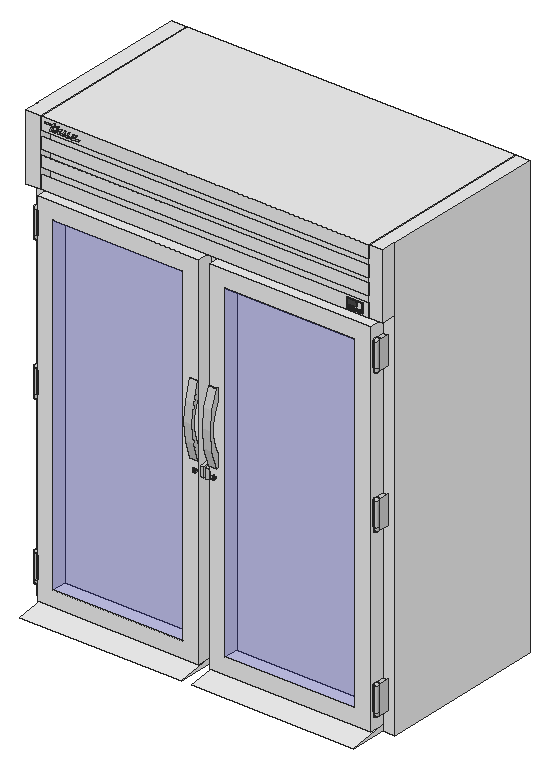
Revit family
Parameters
  Weight in Pounds = 0
  Watts = Volts * FL Amps  # 1357 W
  Volts = 115 V
  URL Cutsheet = "www.truemfg.com"
  URL = "www.truemfg.com"
  Type Mark [instance] = ""
  Type Comments = ""
  Status [instance] = ""
  Specification by User [instance] = ""
  Specification by Manufacturer = ""
  Show Logo [instance] = yes
  Show Clearance [instance] = yes
  Serial Number = ""
  Seismic Rating = ""
  SMACNA No = ""
  Revision Code [instance] = ""
  Phase = 1
  Omniclass Number and Title = ""
  Number of Poles [instance] = 1
  NAFEM Spec ID Number = ""
  Model = "STR2RRI-2G"
  Min Ckt Ampacity = 0 A
  Max Overcurrent Protection = 0 A
  Masterspec = ""
  Manufacturer = "TRUE FOOD SERVICE EQUIPMENT, INC."
  Length = 68"
  Item Number [instance] = ""
  Installed By [instance] = ""
  Identify Quantity as Lot [instance] = yes
  Height = 83 3/4"
  HP = "1/2"
  Furnished By [instance] = ""
  Foodservice Equipment Identifier [instance] = yes
  FL Amps = 11.8 A
  Electrical Remarks [instance] = ""
  Electric Connection Type [instance] = ""
  Elec Conn RI Height [instance] = 0"
  Elec Conn Connection Height [instance] = 0"
  Description = "Roll-in Glass Swing Door Refrigerator"
  Depth = 34 3/4"
  Cycle = 60 Hz
  Conn Plug = "5-15P"
  Conn Conduit = yes
  CSI MasterFormat = ""
  CSI Master Format = ""
  Apparent Power = if(Phase = 3, Volts * FL Amps * 1.73, Volts * FL Amps)  # 1357 VA
Reference planes (in)
  plane 1 "BACK": y = 0
  plane 2: z = 0
  plane 3 "LEFT": x = 0
  plane 4 "RIGHT": x = 68
  plane 5 "FRONT": y = -34.75
  plane 6 "TOP": z = 83.75
  plane 7: x = 2.84375
  plane 8: y = -34.7042
  plane 9: x = 34
  plane 10: z = 69.90625
Forms (in)
  Extrusion 1, solid, material "QF_Finishes_Chrome - Satin"
    sketch origin (0.05, 0, 0) x (1, 0, 0) y (0, 1, 0)
      loop
        line (-0.05, 0) -> (-0.05, -32) -> (2.87859, -32) -> (2.87859, 0) -> (-0.05, 0)
    from 0 to 83.75
  Extrusion 2, solid, material "QF_Finishes_Chrome - Satin"
    sketch origin (50.15, 0, 0) x (1, 0, 0) y (0, 1, 0)
      loop
        line (15.15, 0) -> (15.15, -32) -> (17.85, -32) -> (17.85, 0) -> (15.15, 0)
    from 0 to 83.75
  Extrusion 3, solid, material "QF_Finishes_Chrome - Satin"
    sketch origin (0, 0, 0) x (0, 1, 0) y (0, 0, 1)
      loop
        line (-34.7042, 71.28125) -> (-32, 71.28125) -> (-32, 0) -> (0, 0) -> (0, 83.75) -> (-34.7042, 83.75) -> (-34.7042, 81.40578) -> (-32.5, 79.83852) -> (-32.5, 78.71625) -> (-34.7042, 80.28351) -> (-34.7042, 78.1498) -> (-32.5, 76.58254) -> (-32.5, 75.62178) -> (-34.7042, 77.18904) -> (-34.7042, 75.09284) -> (-32.5, 73.52557) -> (-32.5, 72.25) -> (-34.7042, 73.81726) -> (-34.7042, 71.28125)
    from 2.92859 to 65.3
  Extrusion 4, solid, material "QF_Finishes_Chrome - Satin"
    sketch origin (0, 0, 0) x (1, 0, 0) y (0, 1, 0)
      loop
        line (67.84782, -32) -> (65.3, -32) -> (65.3, -34.75) -> (67.84782, -34.75) -> (67.84782, -32)
    from 71.28125 to 83.75
  Extrusion 5, solid, material "QF_Finishes_Chrome - Satin"
    sketch origin (-50.125, 0, 0.25) x (1, 0, 0) y (0, 1, 0)
      loop
        line (53.05359, -32) -> (50.24109, -32) -> (50.24109, -34.75) -> (53.05359, -34.75) -> (53.05359, -32)
    from 71.03125 to 83.5
  Extrusion 6, solid, material "QF_Finishes_Handrails and Railings", visible <- "Show Logo"
    sketch origin (0.33478, 0.06376, 5.00294) x (1, 0, 0) y (0, 0, 1)
      loop
        line (3.46044, 78.08731) -> (3.35478, 77.86073) -> (4.76027, 77.86073)
        arc (4.76027, 77.86073) -> (4.78879, 77.81028) -> (4.76027, 77.75984) r 0.05887
        line (4.76027, 77.75984) -> (4.39369, 76.97372)
        arc (4.39369, 76.97372) -> (4.39051, 76.90091) -> (4.43975, 76.84717) r 0.09523
        line (4.43975, 76.84717) -> (5.33844, 76.84717)
        arc (5.33844, 76.84717) -> (5.45192, 76.88295) -> (5.52436, 76.97735) r 0.19785
        line (5.52436, 76.97735) -> (5.81285, 77.59601) -> (6.0779, 77.59601)
        arc (6.0779, 77.59601) -> (6.14744, 77.57043) -> (6.13737, 77.49703) r 0.05911
        line (6.13737, 77.49703) -> (5.89598, 76.97937)
        arc (5.89598, 76.97937) -> (5.89974, 76.8934) -> (5.97231, 76.84717) r 0.09318
        line (5.97231, 76.84717) -> (6.76198, 76.84717)
        arc (6.76198, 76.84717) -> (6.82249, 76.86919) -> (6.85468, 76.92495) r 0.09412
        arc (6.85468, 76.92495) -> (6.87746, 76.86995) -> (6.93246, 76.84717) r 0.07778
        line (6.93246, 76.84717) -> (7.43246, 76.84717)
        arc (7.43246, 76.84717) -> (7.49022, 76.86265) -> (7.53251, 76.90493) r 0.11552
        arc (7.53251, 76.90493) -> (7.55275, 76.85606) -> (7.60162, 76.83581) r 0.06912
        line (7.60162, 76.83581) -> (8.31225, 76.83581)
        arc (8.31225, 76.83581) -> (8.37034, 76.85988) -> (8.39441, 76.91797) r 0.08216
        arc (8.39441, 76.91797) -> (8.44767, 76.86472) -> (8.52042, 76.84522) r 0.14551
        line (8.52042, 76.84522) -> (9.85158, 76.84522) -> (9.99946, 77.10134) -> (8.65678, 77.10134)
        arc (8.65678, 77.10134) -> (8.61972, 77.12704) -> (8.61834, 77.17211) r 0.05009
        line (8.61834, 77.17211) -> (8.64157, 77.22192)
        arc (8.64157, 77.22192) -> (8.67723, 77.26864) -> (8.73327, 77.28635) r 0.09747
        line (8.73327, 77.28635) -> (9.16485, 77.28635)
        arc (9.16485, 77.28635) -> (9.258, 77.31131) -> (9.32619, 77.3795) r 0.1863
        line (9.32619, 77.3795) -> (9.45119, 77.59601)
        arc (9.45119, 77.59601) -> (9.45119, 77.71157) -> (9.35111, 77.76934) r 0.11556
        line (9.35111, 77.76934) -> (8.89562, 77.76934)
        arc (8.89562, 77.76934) -> (8.7795, 77.74962) -> (8.69849, 77.66412) r 0.18605
        line (8.69849, 77.66412) -> (8.48204, 77.19993)
        arc (8.48204, 77.19993) -> (8.41815, 77.11667) -> (8.31806, 77.08511) r 0.1745
        line (8.31806, 77.08511) -> (7.84559, 77.08511)
        arc (7.84559, 77.08511) -> (7.78903, 77.14684) -> (7.79268, 77.23048) r 0.10939
        line (7.79268, 77.23048) -> (8.04395, 77.76934) -> (7.88403, 77.76934) -> (7.61781, 77.19844)
        arc (7.61781, 77.19844) -> (7.56609, 77.13103) -> (7.48505, 77.10548) r 0.14128
        line (7.48505, 77.10548) -> (7.15925, 77.10548)
        arc (7.15925, 77.10548) -> (7.10419, 77.17723) -> (7.116, 77.26689) r 0.11816
        line (7.116, 77.26689) -> (7.3503, 77.76934) -> (7.18514, 77.76934) -> (6.91546, 77.191)
        arc (6.91546, 77.191) -> (6.85285, 77.12839) -> (6.76733, 77.10548) r 0.17104
        line (6.76733, 77.10548) -> (6.29555, 77.10548)
        arc (6.29555, 77.10548) -> (6.21082, 77.14499) -> (6.20267, 77.23813) r 0.0935
        line (6.20267, 77.23813) -> (6.35774, 77.57069) -> (6.57695, 77.57069)
        arc (6.57695, 77.57069) -> (6.61395, 77.68217) -> (6.69267, 77.76934) r 0.2857
        line (6.69267, 77.76934) -> (5.83605, 77.76934)
        arc (5.83605, 77.76934) -> (5.74086, 77.74824) -> (5.67498, 77.67635) r 0.16212
        line (5.67498, 77.67635) -> (5.44279, 77.17841)
        arc (5.44279, 77.17841) -> (5.3894, 77.12502) -> (5.31647, 77.10548) r 0.14586
        line (5.31647, 77.10548) -> (4.80506, 77.10548)
        arc (4.80506, 77.10548) -> (4.76514, 77.15942) -> (4.77274, 77.22609) r 0.09155
        line (4.77274, 77.22609) -> (5.11018, 77.86073) -> (5.96155, 77.86073) -> (6.06721, 78.08731) -> (5.21584, 78.08731) -> (5.32149, 78.31388) -> (5.01862, 78.31388) -> (4.91297, 78.08731) -> (3.46044, 78.08731)
      loop
        arc (8.83805, 77.56363) -> (8.80119, 77.55375) -> (8.7742, 77.52676) r 0.07373
        line (8.7742, 77.52676) -> (8.75229, 77.45936)
        arc (8.75229, 77.45936) -> (8.76245, 77.43483) -> (8.78699, 77.42466) r 0.0347
        line (8.78699, 77.42466) -> (9.15948, 77.42466)
        arc (9.15948, 77.42466) -> (9.18632, 77.43061) -> (9.20812, 77.44734) r 0.0635
        line (9.20812, 77.44734) -> (9.22624, 77.53122)
        arc (9.22624, 77.53122) -> (9.22091, 77.55368) -> (9.20009, 77.56363) r 0.02676
        line (9.20009, 77.56363) -> (8.83805, 77.56363)
    from 34.76797 to 34.83173
  Extrusion 7, solid, material "QF_Finishes_White"
    sketch origin (-22.74812, 0.0458, -7.95638) x (1, 0, 0) y (0, 0, 1)
      loop
        line (83.81732, 81.35727) -> (83.81732, 79.60996) -> (86.72357, 79.60996) -> (86.72357, 81.35727) -> (83.81732, 81.35727)
    from 34.75 to 34.76797
  Extrusion 8, solid, material "QF_Finishes_Black"
    sketch origin (-22.74812, 0.0458, -7.95638) x (1, 0, 0) y (0, 0, 1)
      loop
        line (86.78607, 81.41977) -> (83.75482, 81.41977) -> (83.75482, 79.54746) -> (86.78607, 79.54746) -> (86.78607, 81.41977)
      loop
        spline (83.95482, 79.87872) -> (83.96333, 79.86254) -> (83.98831, 79.84747) -> (84.02804, 79.83452) -> (84.07982, 79.82459) -> (84.14011, 79.81835) -> (84.20482, 79.81622) -> (84.26952, 79.81835) -> (84.32982, 79.82459) -> (84.38159, 79.83452) -> (84.42132, 79.84747) -> (84.4463, 79.86254) -> (84.45482, 79.87872)
        spline (84.45482, 79.87872) -> (84.4463, 79.89489) -> (84.42132, 79.90997) -> (84.38159, 79.92291) -> (84.32982, 79.93284) -> (84.26952, 79.93909) -> (84.20482, 79.94122) -> (84.14011, 79.93909) -> (84.07982, 79.93284) -> (84.02804, 79.92291) -> (83.98831, 79.90997) -> (83.96333, 79.89489) -> (83.95482, 79.87872)
      loop
        spline (84.65083, 79.87872) -> (84.65935, 79.86254) -> (84.68432, 79.84747) -> (84.72405, 79.83452) -> (84.77583, 79.82459) -> (84.83612, 79.81835) -> (84.90083, 79.81622) -> (84.96553, 79.81835) -> (85.02583, 79.82459) -> (85.07761, 79.83452) -> (85.11734, 79.84747) -> (85.14231, 79.86254) -> (85.15083, 79.87872)
        spline (85.15083, 79.87872) -> (85.14231, 79.89489) -> (85.11734, 79.90997) -> (85.07761, 79.92291) -> (85.02583, 79.93284) -> (84.96553, 79.93909) -> (84.90083, 79.94122) -> (84.83612, 79.93909) -> (84.77583, 79.93284) -> (84.72405, 79.92291) -> (84.68432, 79.90997) -> (84.65935, 79.89489) -> (84.65083, 79.87872)
      loop
        spline (85.40083, 79.87872) -> (85.40935, 79.86254) -> (85.43432, 79.84747) -> (85.47405, 79.83452) -> (85.52583, 79.82459) -> (85.58612, 79.81835) -> (85.65083, 79.81622) -> (85.71553, 79.81835) -> (85.77583, 79.82459) -> (85.82761, 79.83452) -> (85.86734, 79.84747) -> (85.89231, 79.86254) -> (85.90083, 79.87872)
        spline (85.90083, 79.87872) -> (85.89231, 79.89489) -> (85.86734, 79.90997) -> (85.82761, 79.92291) -> (85.77583, 79.93284) -> (85.71553, 79.93909) -> (85.65083, 79.94122) -> (85.58612, 79.93909) -> (85.52583, 79.93284) -> (85.47405, 79.92291) -> (85.43432, 79.90997) -> (85.40935, 79.89489) -> (85.40083, 79.87872)
      loop
        line (83.95481, 81.21978) -> (83.95481, 80.21978) -> (85.65433, 80.21978) -> (85.65433, 81.21978) -> (83.95481, 81.21978)
      loop
        line (86.72357, 81.35727) -> (83.81732, 81.35727) -> (83.81732, 79.60996) -> (86.72357, 79.60996) -> (86.72357, 81.35727)
      loop
        spline (86.15083, 79.87872) -> (86.15935, 79.86254) -> (86.18432, 79.84747) -> (86.22405, 79.83452) -> (86.27583, 79.82459) -> (86.33612, 79.81835) -> (86.40083, 79.81622) -> (86.46553, 79.81835) -> (86.52583, 79.82459) -> (86.57761, 79.83452) -> (86.61734, 79.84747) -> (86.64231, 79.86254) -> (86.65083, 79.87872)
        spline (86.65083, 79.87872) -> (86.64231, 79.89489) -> (86.61734, 79.90997) -> (86.57761, 79.92291) -> (86.52583, 79.93284) -> (86.46553, 79.93909) -> (86.40083, 79.94122) -> (86.33612, 79.93909) -> (86.27583, 79.93284) -> (86.22405, 79.92291) -> (86.18432, 79.90997) -> (86.15935, 79.89489) -> (86.15083, 79.87872)
    from 34.76797 to 34.80335
  Extrusion 9, solid
    sketch origin (-25.125, 0, 0) x (1, 0, 0) y (0, 0, 1)
      loop
        circle (89.875, 81.625) r 0.25
    from 0 to 0.0625
  Extrusion 10, solid, material "QF_Finishes_Handrails and Railings"
    sketch origin (66.78125, 0, 3.5) x (0, 1, 0) y (0, 0, -1)
      loop
        line (-32, -64.17729) -> (-32, -58.86127) -> (-34.25, -58.86127) -> (-34.25, -59.57348) -> (-33.81497, -59.57348) -> (-33.81497, -63.97276)
        arc (-33.81497, -63.97276) -> (-33.75506, -64.11738) -> (-33.61044, -64.17729) r 0.20453
        line (-33.61044, -64.17729) -> (-32, -64.17729)
    from 0.17506 to 1
  Revolve 11, solid, material "QF_Finishes_Handrails and Railings"
    sketch origin (66.28125, 0, 3.5) x (0, 1, 0) y (0, 0, -1)
      loop
        line (-34.26563, -59.62689) -> (-34.67229, -59.62689) -> (-34.67229, -64.0986)
        arc (-34.67229, -64.0986) -> (-34.53722, -64.35057) -> (-34.26563, -64.43983) r 0.3848
        line (-34.26563, -64.43983) -> (-34.26563, -59.62689)
      loop
        line (-34.26563, -59.57348) -> (-34.26563, -58.67281)
        arc (-34.26563, -58.67281) -> (-34.53264, -58.75883) -> (-34.67229, -59.00212) r 0.38884
        line (-34.67229, -59.00212) -> (-34.67229, -59.57348) -> (-34.26563, -59.57348)
      axis (-34.26563, -58.67281) -> (-34.26563, -64.43983)
    angle from 0 to 360
  Extrusion 12, solid, material "QF_Finishes_Handrails and Railings"
    sketch origin (27.5, -1.07734, 3.5011) x (-1, 0, 0) y (0, 0, -1)
      loop
        line (-38.58509, -64.0986) -> (-38.1875, -64.0986) -> (-38.1875, -59.62579) -> (-38.58509, -59.62579) -> (-38.58509, -64.0986)
    from 32.81497 to 33.59495
  Extrusion 13, solid, material "QF_Finishes_Handrails and Railings"
    sketch origin (66.78125, 0, -24) x (0, 1, 0) y (0, 0, -1)
      loop
        line (-32, -64.55229) -> (-32, -59.23627) -> (-34.25, -59.23627) -> (-34.25, -59.94848) -> (-33.81497, -59.94848) -> (-33.81497, -64.34776)
        arc (-33.81497, -64.34776) -> (-33.75506, -64.49238) -> (-33.61044, -64.55229) r 0.20453
        line (-33.61044, -64.55229) -> (-32, -64.55229)
    from 0.17506 to 1
  Revolve 14, solid, material "QF_Finishes_Handrails and Railings"
    sketch origin (66.28125, 0, -24) x (0, 1, 0) y (0, 0, -1)
      loop
        line (-34.26563, -60.00189) -> (-34.67229, -60.00189) -> (-34.67229, -64.4736)
        arc (-34.67229, -64.4736) -> (-34.53722, -64.72557) -> (-34.26563, -64.81483) r 0.3848
        line (-34.26563, -64.81483) -> (-34.26563, -60.00189)
      loop
        line (-34.26563, -59.94848) -> (-34.26563, -59.04781)
        arc (-34.26563, -59.04781) -> (-34.53264, -59.13383) -> (-34.67229, -59.37712) r 0.38884
        line (-34.67229, -59.37712) -> (-34.67229, -59.94848) -> (-34.26563, -59.94848)
      axis (-34.26563, -59.04781) -> (-34.26563, -64.81483)
    angle from 0 to 360
  Extrusion 15, solid, material "QF_Finishes_Handrails and Railings"
    sketch origin (27.5, -1.07734, -23.9989) x (-1, 0, 0) y (0, 0, -1)
      loop
        line (-38.58509, -64.4736) -> (-38.1875, -64.4736) -> (-38.1875, -60.00079) -> (-38.58509, -60.00079) -> (-38.58509, -64.4736)
    from 32.81497 to 33.59495
  Extrusion 16, solid, material "QF_Finishes_Handrails and Railings"
    sketch origin (66.78125, 0, -55.5) x (0, 1, 0) y (0, 0, -1)
      loop
        line (-32, -64.55229) -> (-32, -59.23627) -> (-34.25, -59.23627) -> (-34.25, -59.94848) -> (-33.81497, -59.94848) -> (-33.81497, -64.34776)
        arc (-33.81497, -64.34776) -> (-33.75506, -64.49238) -> (-33.61044, -64.55229) r 0.20453
        line (-33.61044, -64.55229) -> (-32, -64.55229)
    from 0.17506 to 1
  Revolve 17, solid, material "QF_Finishes_Handrails and Railings"
    sketch origin (66.28125, 0, -55.5) x (0, 1, 0) y (0, 0, -1)
      loop
        line (-34.26563, -60.00189) -> (-34.67229, -60.00189) -> (-34.67229, -64.4736)
        arc (-34.67229, -64.4736) -> (-34.53722, -64.72557) -> (-34.26563, -64.81483) r 0.3848
        line (-34.26563, -64.81483) -> (-34.26563, -60.00189)
      loop
        line (-34.26563, -59.94848) -> (-34.26563, -59.04781)
        arc (-34.26563, -59.04781) -> (-34.53264, -59.13383) -> (-34.67229, -59.37712) r 0.38884
        line (-34.67229, -59.37712) -> (-34.67229, -59.94848) -> (-34.26563, -59.94848)
      axis (-34.26563, -59.04781) -> (-34.26563, -64.81483)
    angle from 0 to 360
  Extrusion 18, solid, material "QF_Finishes_Handrails and Railings"
    sketch origin (27.5, -1.07734, -55.4989) x (-1, 0, 0) y (0, 0, -1)
      loop
        line (-38.58509, -64.4736) -> (-38.1875, -64.4736) -> (-38.1875, -60.00079) -> (-38.58509, -60.00079) -> (-38.58509, -64.4736)
    from 32.81497 to 33.59495
  Extrusion 19, solid, material "QF_Finishes_Chrome - Satin"
    sketch origin (65.6875, -1, 8.03125) x (0, 0, 1) y (0, -1, 0)
      loop
        line (-8.03125, 37.875) -> (-8.03125, 31) -> (-7.03125, 31) -> (-8.03125, 37.875)
    from 0 to -30.6875
  Extrusion 20, solid, material "QF_Finishes_Handrails and Railings"
    sketch origin (1.21875, 0, 3.5) x (0, 1, 0) y (0, 0, 1)
      loop
        line (-32, 64.17729) -> (-33.61044, 64.17729)
        arc (-33.61044, 64.17729) -> (-33.75506, 64.11738) -> (-33.81497, 63.97276) r 0.20453
        line (-33.81497, 63.97276) -> (-33.81497, 59.57348) -> (-34.25, 59.57348) -> (-34.25, 58.86127) -> (-32, 58.86127) -> (-32, 64.17729)
    from 0.17506 to 1
  Revolve 21, solid, material "QF_Finishes_Handrails and Railings"
    sketch origin (1.71875, 0, 3.5) x (0, 1, 0) y (0, 0, 1)
      loop
        line (-34.26563, 59.62689) -> (-34.26563, 64.43983)
        arc (-34.26563, 64.43983) -> (-34.53722, 64.35057) -> (-34.67229, 64.0986) r 0.3848
        line (-34.67229, 64.0986) -> (-34.67229, 59.62689) -> (-34.26563, 59.62689)
      loop
        line (-34.26563, 59.57348) -> (-34.67229, 59.57348) -> (-34.67229, 59.00212)
        arc (-34.67229, 59.00212) -> (-34.53264, 58.75883) -> (-34.26563, 58.67281) r 0.38884
        line (-34.26563, 58.67281) -> (-34.26563, 59.57348)
      axis (-34.26563, 58.67281) -> (-34.26563, 64.43983)
    angle from 0 to 360
  Extrusion 22, solid, material "QF_Finishes_Handrails and Railings"
    sketch origin (40.5, -1.07734, 3.5011) x (1, 0, 0) y (0, 0, 1)
      loop
        line (-38.58509, 64.0986) -> (-38.58509, 59.62579) -> (-38.1875, 59.62579) -> (-38.1875, 64.0986) -> (-38.58509, 64.0986)
    from 32.81497 to 33.59495
  Extrusion 23, solid, material "QF_Finishes_Handrails and Railings"
    sketch origin (1.21875, 0, -24) x (0, 1, 0) y (0, 0, 1)
      loop
        line (-32, 64.55229) -> (-33.61044, 64.55229)
        arc (-33.61044, 64.55229) -> (-33.75506, 64.49238) -> (-33.81497, 64.34776) r 0.20453
        line (-33.81497, 64.34776) -> (-33.81497, 59.94848) -> (-34.25, 59.94848) -> (-34.25, 59.23627) -> (-32, 59.23627) -> (-32, 64.55229)
    from 0.17506 to 1
  Revolve 24, solid, material "QF_Finishes_Handrails and Railings"
    sketch origin (1.71875, 0, -24) x (0, 1, 0) y (0, 0, 1)
      loop
        line (-34.26563, 60.00189) -> (-34.26563, 64.81483)
        arc (-34.26563, 64.81483) -> (-34.53722, 64.72557) -> (-34.67229, 64.4736) r 0.3848
        line (-34.67229, 64.4736) -> (-34.67229, 60.00189) -> (-34.26563, 60.00189)
      loop
        line (-34.26563, 59.94848) -> (-34.67229, 59.94848) -> (-34.67229, 59.37712)
        arc (-34.67229, 59.37712) -> (-34.53264, 59.13383) -> (-34.26563, 59.04781) r 0.38884
        line (-34.26563, 59.04781) -> (-34.26563, 59.94848)
      axis (-34.26563, 59.04781) -> (-34.26563, 64.81483)
    angle from 0 to 360
  Extrusion 25, solid, material "QF_Finishes_Handrails and Railings"
    sketch origin (40.5, -1.07734, -23.9989) x (1, 0, 0) y (0, 0, 1)
      loop
        line (-38.58509, 64.4736) -> (-38.58509, 60.00079) -> (-38.1875, 60.00079) -> (-38.1875, 64.4736) -> (-38.58509, 64.4736)
    from 32.81497 to 33.59495
  Extrusion 26, solid, material "QF_Finishes_Handrails and Railings"
    sketch origin (1.21875, 0, -55.5) x (0, 1, 0) y (0, 0, 1)
      loop
        line (-32, 64.55229) -> (-33.61044, 64.55229)
        arc (-33.61044, 64.55229) -> (-33.75506, 64.49238) -> (-33.81497, 64.34776) r 0.20453
        line (-33.81497, 64.34776) -> (-33.81497, 59.94848) -> (-34.25, 59.94848) -> (-34.25, 59.23627) -> (-32, 59.23627) -> (-32, 64.55229)
    from 0.17506 to 1
  Revolve 27, solid, material "QF_Finishes_Handrails and Railings"
    sketch origin (1.71875, 0, -55.5) x (0, 1, 0) y (0, 0, 1)
      loop
        line (-34.26563, 60.00189) -> (-34.26563, 64.81483)
        arc (-34.26563, 64.81483) -> (-34.53722, 64.72557) -> (-34.67229, 64.4736) r 0.3848
        line (-34.67229, 64.4736) -> (-34.67229, 60.00189) -> (-34.26563, 60.00189)
      loop
        line (-34.26563, 59.94848) -> (-34.67229, 59.94848) -> (-34.67229, 59.37712)
        arc (-34.67229, 59.37712) -> (-34.53264, 59.13383) -> (-34.26563, 59.04781) r 0.38884
        line (-34.26563, 59.04781) -> (-34.26563, 59.94848)
      axis (-34.26563, 59.04781) -> (-34.26563, 64.81483)
    angle from 0 to 360
  Extrusion 28, solid, material "QF_Finishes_Handrails and Railings"
    sketch origin (40.5, -1.07734, -55.4989) x (1, 0, 0) y (0, 0, 1)
      loop
        line (-38.58509, 64.4736) -> (-38.58509, 60.00079) -> (-38.1875, 60.00079) -> (-38.1875, 64.4736) -> (-38.58509, 64.4736)
    from 32.81497 to 33.59495
  Extrusion 29, solid, material "QF_Finishes_Chrome - Satin"
    sketch origin (2.3125, -1, 8.03125) x (0, 0, 1) y (0, 1, 0)
      loop
        line (-8.03125, -37.875) -> (-7.03125, -31) -> (-8.03125, -31) -> (-8.03125, -37.875)
    from 0 to -30.6875
  Extrusion 30, solid, material "QF_Finishes_Door Clearance", visible <- "Show Clearance", detail levels coarse
    sketch origin (32.71875, -1, 1) x (0, 1, 0) y (1, 0, 0)
      loop
        line (-33.75, -30.40625) -> (-33.75, 0.28125)
        arc (-33.75, 0.28125) -> (-55.44934, -8.70691) -> (-64.4375, -30.40625) r 30.6875
        line (-64.4375, -30.40625) -> (-33.75, -30.40625)
      loop
        line (-33.75, 32.96875) -> (-64.4375, 32.96875)
        arc (-64.4375, 32.96875) -> (-55.44934, 11.26941) -> (-33.75, 2.28125) r 30.6875
        line (-33.75, 2.28125) -> (-33.75, 32.96875)
    from 0 to -68.90625
  Extrusion 31, solid, material "QF_Finishes_Chrome - Satin"
    sketch origin (59.96875, -1, -0.71875) x (-1, 0, 0) y (0, 0, -1)
      loop
        line (26.96875, -1.71875) -> (26.96875, -70.625) -> (57.65625, -70.625) -> (57.65625, -1.71875) -> (26.96875, -1.71875)
      loop
        line (29.96875, -67.625) -> (54.65625, -67.625) -> (54.65625, -4.71875) -> (29.96875, -4.71875) -> (29.96875, -67.625)
      loop
        line (24.96875, -1.71875) -> (-5.71875, -1.71875) -> (-5.71875, -70.625) -> (24.96875, -70.625) -> (24.96875, -1.71875)
      loop
        line (21.96875, -67.625) -> (21.96875, -4.71875) -> (-2.71875, -4.71875) -> (-2.71875, -67.625) -> (21.96875, -67.625)
    from 31 to 33.75
  Extrusion 32, solid, material "Glass"
    sketch origin (59.96875, -1, -0.71875) x (-1, 0, 0) y (0, 0, -1)
      loop
        line (29.96875, -67.625) -> (54.65625, -67.625) -> (54.65625, -4.71875) -> (29.96875, -4.71875) -> (29.96875, -67.625)
      loop
        line (21.96875, -67.625) -> (21.96875, -4.71875) -> (-2.71875, -4.71875) -> (-2.71875, -67.625) -> (21.96875, -67.625)
    from 31 to 33.75
  Extrusion 33, solid, material "QF_Finishes_Handrails and Railings"
    sketch origin (9.34375, -1.08467, -6.25) x (1, 0, 0) y (0, 0, 1)
      loop
        circle (26.4375, 40.0625) r 0.35
      loop
        line (26.47265, 40.33635) -> (26.41715, 40.33635) -> (26.41715, 39.76895) -> (26.47265, 39.76895) -> (26.47265, 40.33635)
    from 33.5 to 33.83066
  Blend 34, solid, material "QF_Finishes_Handrails and Railings"
    base sketch origin (60.25, -1, -4.25) x (-1, 0, 0) y (0, 0, -1)
      loop
        line (25.25, -38.99169) -> (26, -38.99169) -> (26, -37.24169) -> (25.25, -37.24169) -> (25.25, -38.99169)
    top sketch origin (60.25, 0, -4.25) x (-1, 0, 0) y (0, 0, -1)
      loop
        line (26.18223, -36.6441) -> (25.25, -36.6441) -> (25.25, -39.42643) -> (26.18223, -39.42643) -> (26.18223, -36.6441)
    from 33.57883 to 32
  Extrusion 35, solid, material "QF_Finishes_Handrails and Railings"
    sketch origin (43.84606, -0.25, 89.5375) x (0, 1, 0) y (0, 0, -1)
      loop
        line (-34.5, 53.875) -> (-34.7, 53.875)
        arc (-34.7, 53.875) -> (-36.14405, 47.075) -> (-34.7, 40.275) r 16.7325
        line (-34.7, 40.275) -> (-34.5, 40.275) -> (-34.5, 42.675)
        arc (-34.5, 42.675) -> (-35.65816, 47.075) -> (-34.5, 51.475) r 8.93715
        line (-34.5, 51.475) -> (-34.5, 53.875)
    from 10.87731 to 12.37731
  Extrusion 36, solid, material "QF_Finishes_Handrails and Railings"
    sketch origin (58.65625, -1.08467, -6.25) x (-1, 0, 0) y (0, 0, -1)
      loop
        circle (26.4375, -40.0625) r 0.35
      loop
        line (26.47265, -40.33635) -> (26.47265, -39.76895) -> (26.41715, -39.76895) -> (26.41715, -40.33635) -> (26.47265, -40.33635)
    from 33.5 to 33.83066
  Blend 37, solid, material "QF_Finishes_Handrails and Railings"
    base sketch origin (7.75, -1, -4.25) x (1, 0, 0) y (0, 0, 1)
      loop
        line (25.25, 38.99169) -> (25.25, 37.24169) -> (26, 37.24169) -> (26, 38.99169) -> (25.25, 38.99169)
    top sketch origin (7.75, 0, -4.25) x (1, 0, 0) y (0, 0, 1)
      loop
        line (26.18223, 36.6441) -> (26.18223, 39.42643) -> (25.25, 39.42643) -> (25.25, 36.6441) -> (26.18223, 36.6441)
    from 33.57883 to 32
  Extrusion 38, solid, material "QF_Finishes_Handrails and Railings"
    sketch origin (24.15394, -0.25, 89.5375) x (0, 1, 0) y (0, 0, 1)
      loop
        line (-34.5, -53.875) -> (-34.5, -51.475)
        arc (-34.5, -51.475) -> (-35.65816, -47.075) -> (-34.5, -42.675) r 8.93715
        line (-34.5, -42.675) -> (-34.5, -40.275) -> (-34.7, -40.275)
        arc (-34.7, -40.275) -> (-36.14405, -47.075) -> (-34.7, -53.875) r 16.7325
        line (-34.7, -53.875) -> (-34.5, -53.875)
    from 10.87731 to 12.37731
Cuts and joins
  joined: Extrusion 1, Extrusion 2, Extrusion 4, Extrusion 5
Lines and regions (in)
  symbolic lines
    curve 1: line (0, 0, 0) -> (68, 0, 0)
    curve 2: line (0, -34.75, 0) -> (0, 0, 0)
    curve 3: line (68, -34.75, 0) -> (0, -34.75, 0)
    curve 4: line (68, 0, 0) -> (68, -34.75, 0)
    curve 5: line (68, -32.5, 0) -> (0, -32.5, 0)
    curve 12: line (32.96875, -34.75, 0) -> (32.96875, -36.39405, 0)
    curve 13: line (36.53125, -34.75, 0) -> (36.53125, -36.39405, 0)
    curve 14: line (36.53125, -36.39405, 0) -> (35.03125, -36.39405, 0)
    curve 15: line (35.03125, -34.75, 0) -> (35.03125, -36.39405, 0)
  symbolic lines, style "QF_Door Swings", visible <- "Show Clearance", detail levels coarse
    curve 6: line (2.3125, -34.75, 0) -> (2.3125, -65.4375, 0)
    curve 7: arc (33, -34.75, 0) -> (24.01184, -56.44934, 0) -> (2.3125, -65.4375, 0) r 30.6875
    curve 8: arc (65.6875, -65.4375, 0) -> (43.98816, -56.44934, 0) -> (35, -34.75, 0) r 30.6875
    curve 9: line (65.6875, -65.4375, 0) -> (65.6875, -34.75, 0)
  symbolic lines, style "SpecialityEquipment"
    curve 10: line (31.46875, -36.39405, 0) -> (31.46875, -34.75, 0)
    curve 11: line (31.46875, -36.39405, 0) -> (32.96875, -36.39405, 0)
Dimensions and locks (in)
  "Depth": plane 5 "FRONT" to plane 1 "BACK"
  plane 6 "TOP" to level = 83 3/4"  (x2)
  "Length": plane 3 "LEFT" to plane 4 "RIGHT"
  plane 4 "RIGHT" to plane 3 "LEFT" = 68"
  equal spacing: plane 3 "LEFT", plane 9, plane 4 "RIGHT"
  plane 10 to level = 69 29/32"
  aligned and locked: level to plane 2
Automatic sketch dimensions
  plane 1 "BACK" to curve 1 = 0"
  curve 1 to plane 3 "LEFT" = 0"
  curve 4 to plane 4 "RIGHT" = 0"
  curve 5 to plane 5 "FRONT" = 2 1/4"
  Extrusion 1 sketch curve to plane 3 "LEFT" = 0"
  plane 1 "BACK" to Extrusion 1 sketch curve = 0"
  plane 7 to Extrusion 1 sketch curve = 0.08484"
  Extrusion 1 sketch curve to plane 5 "FRONT" = 2 3/4"
  plane 1 "BACK" to Extrusion 2 sketch curve = 0"
  Extrusion 2 sketch curve to plane 4 "RIGHT" = 0"
  Extrusion 2 sketch curve to plane 4 "RIGHT" = 2.7"
  Extrusion 2 sketch curve to plane 5 "FRONT" = 2 3/4"
  Extrusion 3 sketch curve to plane 8 = 0"  (x4)
  Extrusion 3 sketch curve to level = 0"
  Extrusion 3 sketch curve to plane 6 "TOP" = 0"
  plane 8 to Extrusion 3 sketch curve = 2.2042"  (x2)
  Extrusion 3 sketch curve to Extrusion 3 sketch curve = 0"
  Extrusion 3 sketch curve to Extrusion 3 sketch curve = 1/2"
  plane 1 "BACK" to Extrusion 3 sketch curve = 0"
  Extrusion 3 sketch curve to plane 6 "TOP" = 12 15/32"
  Extrusion 3 sketch curve to Extrusion 3 sketch curve = 31/32"
  Extrusion 3 sketch curve to Extrusion 3 sketch curve = 1.27557"  (x2)
  Extrusion 3 sketch curve to Extrusion 3 sketch curve = 0.29169"
  Extrusion 3 sketch curve to Extrusion 3 sketch curve = 2.0962"  (x2)
  Extrusion 3 sketch curve to Extrusion 3 sketch curve = 0.96076"  (x2)
  Extrusion 3 sketch curve to Extrusion 3 sketch curve = 2.13371"  (x2)
  Extrusion 3 sketch curve to Extrusion 3 sketch curve = 1.12227"  (x2)
  plane 5 "FRONT" to Extrusion 4 sketch curve = 0"
  Extrusion 4 sketch curve to plane 4 "RIGHT" = 2.7"
  Extrusion 4 sketch curve to plane 4 "RIGHT" = 0.15218"
  Extrusion 4 sketch curve to plane 5 "FRONT" = 2 3/4"
  plane 5 "FRONT" to Extrusion 5 sketch curve = 0"
  plane 3 "LEFT" to Extrusion 5 sketch curve = 0.11609"
  plane 7 to Extrusion 5 sketch curve = 0.08484"
  Extrusion 5 sketch curve to plane 5 "FRONT" = 2 3/4"
  plane 7 to Extrusion 6 sketch curve = 0.84582"
  Extrusion 6 sketch curve to Extrusion 6 sketch curve = 0.10565"  (x5)
  Extrusion 6 sketch curve to Extrusion 6 sketch curve = 1.03891"
  Extrusion 6 sketch curve to Extrusion 6 sketch curve = 0.04606"
  Extrusion 6 sketch curve to Extrusion 6 sketch curve = 0.08631"
  Extrusion 6 sketch curve to Extrusion 6 sketch curve = 0.33624"
  Extrusion 6 sketch curve to Extrusion 6 sketch curve = 0.03034"  (x2)
  Extrusion 6 sketch curve to Extrusion 6 sketch curve = 0.29274"
  Extrusion 6 sketch curve to Extrusion 6 sketch curve = 0.03232"
  Extrusion 6 sketch curve to Extrusion 6 sketch curve = 0.04851"
  Extrusion 6 sketch curve to plane 6 "TOP" = 0.65975"
  Extrusion 6 sketch curve to Extrusion 6 sketch curve = 0.1527"
  Extrusion 6 sketch curve to plane 6 "TOP" = 0.43317"
  Extrusion 6 sketch curve to Extrusion 6 sketch curve = 0.19721"
  Extrusion 6 sketch curve to Extrusion 6 sketch curve = 0.4629"
  Extrusion 6 sketch curve to Extrusion 6 sketch curve = 0.02197"
  Extrusion 6 sketch curve to Extrusion 6 sketch curve = 0.12632"
  Extrusion 6 sketch curve to Extrusion 6 sketch curve = 0.18591"
  Extrusion 6 sketch curve to plane 6 "TOP" = 1.0707"
  Extrusion 6 sketch curve to Extrusion 6 sketch curve = 0.2322"
  Extrusion 6 sketch curve to Extrusion 6 sketch curve = 0.13786"
  Extrusion 6 sketch curve to Extrusion 6 sketch curve = 0.00907"
  Extrusion 6 sketch curve to Extrusion 6 sketch curve = 0.01413"
  Extrusion 6 sketch curve to Extrusion 6 sketch curve = 0.37162"
  Extrusion 6 sketch curve to plane 6 "TOP" = 0.88633"
  Extrusion 6 sketch curve to Extrusion 6 sketch curve = 0.12551"
  Extrusion 6 sketch curve to Extrusion 6 sketch curve = 0.07633"
  Extrusion 6 sketch curve to Extrusion 6 sketch curve = 0.08445"
  Extrusion 6 sketch curve to Extrusion 6 sketch curve = 0.25598"
  Extrusion 6 sketch curve to Extrusion 6 sketch curve = 0.01887"
  Extrusion 6 sketch curve to Extrusion 6 sketch curve = 0.04061"
  Extrusion 6 sketch curve to plane 6 "TOP" = 1.50892"
  Extrusion 6 sketch curve to Extrusion 6 sketch curve = 0.0653"
  Extrusion 6 sketch curve to Extrusion 6 sketch curve = 0.08474"
  Extrusion 6 sketch curve to Extrusion 6 sketch curve = 0.00815"
  Extrusion 6 sketch curve to Extrusion 6 sketch curve = 0.22037"
  Extrusion 6 sketch curve to Extrusion 6 sketch curve = 0.21921"
  Extrusion 6 sketch curve to Extrusion 6 sketch curve = 0.11572"
  Extrusion 6 sketch curve to Extrusion 6 sketch curve = 0.46643"
  Extrusion 6 sketch curve to Extrusion 6 sketch curve = 0.00535"
  Extrusion 6 sketch curve to Extrusion 6 sketch curve = 0.09269"
  Extrusion 6 sketch curve to Extrusion 6 sketch curve = 0.09348"
  Extrusion 6 sketch curve to Extrusion 6 sketch curve = 0.14812"
  Extrusion 6 sketch curve to Extrusion 6 sketch curve = 0.07778"
  Extrusion 6 sketch curve to Extrusion 6 sketch curve = 0.20054"
  Extrusion 6 sketch curve to Extrusion 6 sketch curve = 0.04325"
  Extrusion 6 sketch curve to plane 6 "TOP" = 0.97771"  (x2)
  Extrusion 6 sketch curve to Extrusion 6 sketch curve = 0.32433"
  Extrusion 6 sketch curve to Extrusion 6 sketch curve = 0.10233"  (x2)
  Extrusion 6 sketch curve to Extrusion 6 sketch curve = 0.16515"
  Extrusion 6 sketch curve to Extrusion 6 sketch curve = 0.27321"
  Extrusion 6 sketch curve to Extrusion 6 sketch curve = 0.0526"
  Extrusion 6 sketch curve to Extrusion 6 sketch curve = 0.10005"
  Extrusion 6 sketch curve to Extrusion 6 sketch curve = 0.06912"
  Extrusion 6 sketch curve to Extrusion 6 sketch curve = 0.13276"
  Extrusion 6 sketch curve to plane 6 "TOP" = 1.51658"
  Extrusion 6 sketch curve to Extrusion 6 sketch curve = 0.17486"
  Extrusion 6 sketch curve to Extrusion 6 sketch curve = 0.05291"
  Extrusion 6 sketch curve to Extrusion 6 sketch curve = 0.53374"
  Extrusion 6 sketch curve to Extrusion 6 sketch curve = 0.09914"
  Extrusion 6 sketch curve to Extrusion 6 sketch curve = 0.15992"
  Extrusion 6 sketch curve to Extrusion 6 sketch curve = 0.46666"
  Extrusion 6 sketch curve to Extrusion 6 sketch curve = 0.00582"
  Extrusion 6 sketch curve to Extrusion 6 sketch curve = 0.08216"
  Extrusion 6 sketch curve to Extrusion 6 sketch curve = 0.16397"
  Extrusion 6 sketch curve to Extrusion 6 sketch curve = 0.12601"
  Extrusion 6 sketch curve to plane 6 "TOP" = 1.57494"
  Extrusion 6 sketch curve to Extrusion 6 sketch curve = 0.1363"
  Extrusion 6 sketch curve to plane 6 "TOP" = 1.52514"
  Extrusion 6 sketch curve to Extrusion 6 sketch curve = 0.02323"
  Extrusion 6 sketch curve to Extrusion 6 sketch curve = 0.03844"
  Extrusion 6 sketch curve to Extrusion 6 sketch curve = 0.0454"
  Extrusion 6 sketch curve to Extrusion 6 sketch curve = 0.05693"
  Extrusion 6 sketch curve to Extrusion 6 sketch curve = 0.0917"
  Extrusion 6 sketch curve to Extrusion 6 sketch curve = 0.01902"
  Extrusion 6 sketch curve to Extrusion 6 sketch curve = 0.02191"
  Extrusion 6 sketch curve to Extrusion 6 sketch curve = 0.0347"
  Extrusion 6 sketch curve to Extrusion 6 sketch curve = 0.06385"
  Extrusion 6 sketch curve to Extrusion 6 sketch curve = 0.02906"
  Extrusion 6 sketch curve to Extrusion 6 sketch curve = 0.02851"
  Extrusion 6 sketch curve to Extrusion 6 sketch curve = 0.29237"
  Extrusion 6 sketch curve to Extrusion 6 sketch curve = 0.00537"
  Extrusion 6 sketch curve to Extrusion 6 sketch curve = 0.0406"
  Extrusion 6 sketch curve to plane 6 "TOP" = 1.29971"
  Extrusion 6 sketch curve to Extrusion 6 sketch curve = 0.04327"
  Extrusion 6 sketch curve to Extrusion 6 sketch curve = 0.02615"
  Extrusion 6 sketch curve to plane 6 "TOP" = 1.36755"
  Extrusion 6 sketch curve to Extrusion 6 sketch curve = 0.11806"
  Extrusion 6 sketch curve to Extrusion 6 sketch curve = 0.15103"
  Extrusion 6 sketch curve to Extrusion 6 sketch curve = 0.10007"
  Extrusion 6 sketch curve to Extrusion 6 sketch curve = 0.5254"
  Extrusion 6 sketch curve to plane 6 "TOP" = 1.64572"
  Extrusion 6 sketch curve to Extrusion 6 sketch curve = 0.14787"
  Extrusion 6 sketch curve to Extrusion 6 sketch curve = 0.14537"
  Extrusion 6 sketch curve to Extrusion 6 sketch curve = 0.63134"
  Extrusion 6 sketch curve to Extrusion 6 sketch curve = 0.11061"
  Extrusion 6 sketch curve to Extrusion 6 sketch curve = 0.25876"
  Extrusion 6 sketch curve to Extrusion 6 sketch curve = 0.06767"
  Extrusion 6 sketch curve to Extrusion 6 sketch curve = 0.12655"
  Extrusion 6 sketch curve to Extrusion 6 sketch curve = 0.12242"
  Extrusion 6 sketch curve to Extrusion 6 sketch curve = 0.29684"
  Extrusion 6 sketch curve to Extrusion 6 sketch curve = 0.03938"
  Extrusion 6 sketch curve to Extrusion 6 sketch curve = 0.06046"
  Extrusion 6 sketch curve to Extrusion 6 sketch curve = 0.13266"
  Extrusion 6 sketch curve to Extrusion 6 sketch curve = 0.14279"
  Extrusion 6 sketch curve to Extrusion 6 sketch curve = 0.07293"
  Extrusion 6 sketch curve to Extrusion 6 sketch curve = 0.07764"
  Extrusion 6 sketch curve to Extrusion 6 sketch curve = 0.03794"
  Extrusion 6 sketch curve to Extrusion 6 sketch curve = 0.08552"
  Extrusion 6 sketch curve to Extrusion 6 sketch curve = 0.09296"
  Extrusion 6 sketch curve to Extrusion 6 sketch curve = 0.02781"
  Extrusion 6 sketch curve to Extrusion 6 sketch curve = 0.04799"
  Extrusion 6 sketch curve to Extrusion 6 sketch curve = 0.03054"
  Extrusion 6 sketch curve to Extrusion 6 sketch curve = 0.2589"
  Extrusion 6 sketch curve to Extrusion 6 sketch curve = 0.0674"
  Extrusion 6 sketch curve to Extrusion 6 sketch curve = 0.0324"
  Extrusion 6 sketch curve to Extrusion 6 sketch curve = 0.26185"
  Extrusion 6 sketch curve to Extrusion 6 sketch curve = 11/256"
  Extrusion 6 sketch curve to Extrusion 6 sketch curve = 0.07366"
  Extrusion 6 sketch curve to Extrusion 6 sketch curve = 0.02187"
  Extrusion 6 sketch curve to Extrusion 6 sketch curve = 0.06479"
  Extrusion 6 sketch curve to Extrusion 6 sketch curve = 0.05778"
  Extrusion 6 sketch curve to Extrusion 6 sketch curve = 0.32747"
  Extrusion 6 sketch curve to Extrusion 6 sketch curve = 0.05045"
  Extrusion 6 sketch curve to Extrusion 6 sketch curve = 29/128"
  Extrusion 7 sketch curve to plane 4 "RIGHT" = 6.9308"
  Extrusion 7 sketch curve to Extrusion 7 sketch curve = 2 29/32"
  Extrusion 7 sketch curve to plane 6 "TOP" = 12.09642"
  Extrusion 7 sketch curve to Extrusion 7 sketch curve = 1.74732"
  Extrusion 8 sketch curve to plane 4 "RIGHT" = 6.9933"
  Extrusion 8 sketch curve to Extrusion 8 sketch curve = 1/16"  (x4)
  Extrusion 8 sketch curve to Extrusion 8 sketch curve = 0.1375"  (x3)
  Extrusion 8 sketch curve to Extrusion 8 sketch curve = 1/4"  (x4)
  Extrusion 8 sketch curve to Extrusion 8 sketch curve = 0.44601"
  Extrusion 8 sketch curve to Extrusion 8 sketch curve = 1/2"  (x2)
  Extrusion 8 sketch curve to Extrusion 8 sketch curve = 0.0035"
  Extrusion 8 sketch curve to Extrusion 8 sketch curve = 1.06923"
  Extrusion 8 sketch curve to plane 6 "TOP" = 12.15892"
  Extrusion 8 sketch curve to Extrusion 8 sketch curve = 0.26876"  (x2)
  Extrusion 8 sketch curve to Extrusion 8 sketch curve = 0"  (x2)
  Extrusion 8 sketch curve to Extrusion 8 sketch curve = 0.34106"
  Extrusion 8 sketch curve to Extrusion 8 sketch curve = 1"
  Extrusion 9 sketch curve to plane 4 "RIGHT" = 3 1/4"
  Extrusion 9 sketch curve to plane 6 "TOP" = 2 1/8"
  Extrusion 10 sketch curve to plane 5 "FRONT" = 1/2"
  Extrusion 10 sketch curve to Extrusion 10 sketch curve = 0.43503"
  Extrusion 10 sketch curve to Extrusion 10 sketch curve = 0.20453"
  Extrusion 10 sketch curve to Extrusion 10 sketch curve = 1.61044"
  Extrusion 10 sketch curve to plane 6 "TOP" = 16.07271"
  Extrusion 10 sketch curve to Extrusion 10 sketch curve = 4.39928"
  Extrusion 10 sketch curve to Extrusion 10 sketch curve = 0.71221"
  Revolve 11 sketch curve to plane 5 "FRONT" = 0.07771"  (x2)
  Revolve 11 sketch curve to Revolve 11 sketch curve = 0.38242"
  Revolve 11 sketch curve to Revolve 11 sketch curve = 0.38436"
  Revolve 11 sketch curve to plane 5 "FRONT" = 31/64"
  Revolve 11 sketch curve to Revolve 11 sketch curve = 0.40666"
  Revolve 11 sketch curve to Revolve 11 sketch curve = 0"
  Revolve 11 sketch curve to plane 6 "TOP" = 15.25492"
  Revolve 11 sketch curve to Revolve 11 sketch curve = 0.55526"
  Revolve 11 sketch curve to Revolve 11 sketch curve = 0.19474"
  Revolve 11 sketch curve to Revolve 11 sketch curve = 0.14649"
  Revolve 11 sketch curve to Revolve 11 sketch curve = 4.42889"
  Revolve 11 sketch curve to Revolve 11 sketch curve = 0.05342"
  Revolve 11 sketch curve to Revolve 11 sketch curve = 0.51246"
  Revolve 11 sketch curve to Revolve 11 sketch curve = 0.05889"
  Extrusion 12 sketch curve to plane 4 "RIGHT" = 1.91491"
  Extrusion 12 sketch curve to Extrusion 12 sketch curve = 0.39759"
  Extrusion 12 sketch curve to plane 6 "TOP" = 16.1503"
  Extrusion 12 sketch curve to Extrusion 12 sketch curve = 4.47281"
  Extrusion 13 sketch curve to plane 5 "FRONT" = 1/2"
  Extrusion 13 sketch curve to Extrusion 13 sketch curve = 0.43503"
  Extrusion 13 sketch curve to Extrusion 13 sketch curve = 0.20453"
  Extrusion 13 sketch curve to Extrusion 13 sketch curve = 1.61044"
  level to Extrusion 13 sketch curve = 40.55229"
  Extrusion 13 sketch curve to Extrusion 13 sketch curve = 4.39928"
  Extrusion 13 sketch curve to Extrusion 13 sketch curve = 0.71221"
  Revolve 14 sketch curve to plane 5 "FRONT" = 0.07771"  (x2)
  Revolve 14 sketch curve to Revolve 14 sketch curve = 0.38242"
  Revolve 14 sketch curve to Revolve 14 sketch curve = 0.38436"
  Revolve 14 sketch curve to plane 5 "FRONT" = 31/64"
  Revolve 14 sketch curve to Revolve 14 sketch curve = 0.40666"
  Revolve 14 sketch curve to Revolve 14 sketch curve = 0"
  level to Revolve 14 sketch curve = 41.37008"
  Revolve 14 sketch curve to Revolve 14 sketch curve = 0.55526"
  Revolve 14 sketch curve to Revolve 14 sketch curve = 0.19474"
  Revolve 14 sketch curve to Revolve 14 sketch curve = 0.14649"
  Revolve 14 sketch curve to Revolve 14 sketch curve = 4.42889"
  Revolve 14 sketch curve to Revolve 14 sketch curve = 0.05342"
  Revolve 14 sketch curve to Revolve 14 sketch curve = 0.51246"
  Revolve 14 sketch curve to Revolve 14 sketch curve = 0.05889"
  Extrusion 15 sketch curve to plane 4 "RIGHT" = 1.91491"
  Extrusion 15 sketch curve to Extrusion 15 sketch curve = 0.39759"
  level to Extrusion 15 sketch curve = 40.4747"
  Extrusion 15 sketch curve to Extrusion 15 sketch curve = 4.47281"
  Extrusion 16 sketch curve to plane 5 "FRONT" = 1/2"
  Extrusion 16 sketch curve to Extrusion 16 sketch curve = 0.43503"
  Extrusion 16 sketch curve to Extrusion 16 sketch curve = 0.20453"
  Extrusion 16 sketch curve to Extrusion 16 sketch curve = 1.61044"
  level to Extrusion 16 sketch curve = 9.05229"
  Extrusion 16 sketch curve to Extrusion 16 sketch curve = 4.39928"
  Extrusion 16 sketch curve to Extrusion 16 sketch curve = 0.71221"
  Revolve 17 sketch curve to plane 5 "FRONT" = 0.07771"  (x2)
  Revolve 17 sketch curve to Revolve 17 sketch curve = 0.38242"
  Revolve 17 sketch curve to Revolve 17 sketch curve = 0.38436"
  Revolve 17 sketch curve to plane 5 "FRONT" = 31/64"
  Revolve 17 sketch curve to Revolve 17 sketch curve = 0.40666"
  Revolve 17 sketch curve to Revolve 17 sketch curve = 0"
  level to Revolve 17 sketch curve = 9.87008"
  Revolve 17 sketch curve to Revolve 17 sketch curve = 0.55526"
  Revolve 17 sketch curve to Revolve 17 sketch curve = 0.19474"
  Revolve 17 sketch curve to Revolve 17 sketch curve = 0.14649"
  Revolve 17 sketch curve to Revolve 17 sketch curve = 4.42889"
  Revolve 17 sketch curve to Revolve 17 sketch curve = 0.05342"
  Revolve 17 sketch curve to Revolve 17 sketch curve = 0.51246"
  Revolve 17 sketch curve to Revolve 17 sketch curve = 0.05889"
  Extrusion 18 sketch curve to plane 4 "RIGHT" = 1.91491"
  Extrusion 18 sketch curve to Extrusion 18 sketch curve = 0.39759"
  level to Extrusion 18 sketch curve = 8.9747"
  Extrusion 18 sketch curve to Extrusion 18 sketch curve = 4.47281"
  Extrusion 20 sketch curve to plane 5 "FRONT" = 1/2"
  Extrusion 20 sketch curve to Extrusion 20 sketch curve = 0.43503"
  Extrusion 20 sketch curve to Extrusion 20 sketch curve = 0.20453"
  Extrusion 20 sketch curve to Extrusion 20 sketch curve = 1.61044"
  Extrusion 20 sketch curve to plane 6 "TOP" = 21.38873"
  Extrusion 20 sketch curve to Extrusion 20 sketch curve = 0.71221"
  Extrusion 20 sketch curve to Extrusion 20 sketch curve = 4.39928"
  Revolve 21 sketch curve to plane 5 "FRONT" = 0.07771"  (x2)
  Revolve 21 sketch curve to Revolve 21 sketch curve = 0.38242"
  Revolve 21 sketch curve to Revolve 21 sketch curve = 0.38436"
  Revolve 21 sketch curve to plane 5 "FRONT" = 31/64"
  Revolve 21 sketch curve to Revolve 21 sketch curve = 0.40666"
  Revolve 21 sketch curve to Revolve 21 sketch curve = 0"
  Revolve 21 sketch curve to plane 6 "TOP" = 21.57719"
  Revolve 21 sketch curve to Revolve 21 sketch curve = 0.32931"
  Revolve 21 sketch curve to Revolve 21 sketch curve = 0.51246"
  Revolve 21 sketch curve to Revolve 21 sketch curve = 0.05342"
  Revolve 21 sketch curve to Revolve 21 sketch curve = 4.42889"
  Revolve 21 sketch curve to Revolve 21 sketch curve = 0.04281"
  Revolve 21 sketch curve to Revolve 21 sketch curve = 0.18929"
  Revolve 21 sketch curve to Revolve 21 sketch curve = 0.55526"
  Extrusion 22 sketch curve to plane 7 = 0.92884"
  Extrusion 22 sketch curve to Extrusion 22 sketch curve = 0.39759"
  Extrusion 22 sketch curve to plane 6 "TOP" = 20.62311"
  Extrusion 22 sketch curve to Extrusion 22 sketch curve = 4.47281"
  Extrusion 23 sketch curve to plane 5 "FRONT" = 1/2"
  Extrusion 23 sketch curve to Extrusion 23 sketch curve = 0.43503"
  Extrusion 23 sketch curve to Extrusion 23 sketch curve = 0.20453"
  Extrusion 23 sketch curve to Extrusion 23 sketch curve = 1.61044"
  level to Extrusion 23 sketch curve = 35.23627"
  Extrusion 23 sketch curve to Extrusion 23 sketch curve = 0.71221"
  Extrusion 23 sketch curve to Extrusion 23 sketch curve = 4.39928"
  Revolve 24 sketch curve to plane 5 "FRONT" = 0.07771"  (x2)
  Revolve 24 sketch curve to Revolve 24 sketch curve = 0.38242"
  Revolve 24 sketch curve to Revolve 24 sketch curve = 0.38436"
  Revolve 24 sketch curve to plane 5 "FRONT" = 31/64"
  Revolve 24 sketch curve to Revolve 24 sketch curve = 0.40666"
  Revolve 24 sketch curve to Revolve 24 sketch curve = 0"
  level to Revolve 24 sketch curve = 35.04781"
  Revolve 24 sketch curve to Revolve 24 sketch curve = 0.32931"
  Revolve 24 sketch curve to Revolve 24 sketch curve = 0.51246"
  Revolve 24 sketch curve to Revolve 24 sketch curve = 0.05342"
  Revolve 24 sketch curve to Revolve 24 sketch curve = 4.42889"
  Revolve 24 sketch curve to Revolve 24 sketch curve = 0.04281"
  Revolve 24 sketch curve to Revolve 24 sketch curve = 0.18929"
  Revolve 24 sketch curve to Revolve 24 sketch curve = 0.55526"
  Extrusion 25 sketch curve to plane 7 = 0.92884"
  Extrusion 25 sketch curve to Extrusion 25 sketch curve = 0.39759"
  level to Extrusion 25 sketch curve = 36.00189"
  Extrusion 25 sketch curve to Extrusion 25 sketch curve = 4.47281"
  Extrusion 26 sketch curve to plane 5 "FRONT" = 1/2"
  Extrusion 26 sketch curve to Extrusion 26 sketch curve = 0.43503"
  Extrusion 26 sketch curve to Extrusion 26 sketch curve = 0.20453"
  Extrusion 26 sketch curve to Extrusion 26 sketch curve = 1.61044"
  level to Extrusion 26 sketch curve = 3.73627"
  Extrusion 26 sketch curve to Extrusion 26 sketch curve = 0.71221"
  Extrusion 26 sketch curve to Extrusion 26 sketch curve = 4.39928"
  Revolve 27 sketch curve to plane 5 "FRONT" = 0.07771"  (x2)
  Revolve 27 sketch curve to Revolve 27 sketch curve = 0.38242"
  Revolve 27 sketch curve to Revolve 27 sketch curve = 0.38436"
  Revolve 27 sketch curve to plane 5 "FRONT" = 31/64"
  Revolve 27 sketch curve to Revolve 27 sketch curve = 0.40666"
  Revolve 27 sketch curve to Revolve 27 sketch curve = 0"
  level to Revolve 27 sketch curve = 3.54781"
  Revolve 27 sketch curve to Revolve 27 sketch curve = 0.32931"
  Revolve 27 sketch curve to Revolve 27 sketch curve = 0.51246"
  Revolve 27 sketch curve to Revolve 27 sketch curve = 0.05342"
  Revolve 27 sketch curve to Revolve 27 sketch curve = 4.42889"
  Revolve 27 sketch curve to Revolve 27 sketch curve = 0.04281"
  Revolve 27 sketch curve to Revolve 27 sketch curve = 0.18929"
  Revolve 27 sketch curve to Revolve 27 sketch curve = 0.55526"
  Extrusion 28 sketch curve to plane 7 = 0.92884"
  Extrusion 28 sketch curve to Extrusion 28 sketch curve = 0.39759"
  level to Extrusion 28 sketch curve = 4.50189"
  Extrusion 28 sketch curve to Extrusion 28 sketch curve = 4.47281"
  curve 6 to plane 7 = 17/32"
  curve 6 to curve 6 = 30 11/16"
  curve 8 to plane 9 = 1"
  curve 8 to plane 4 "RIGHT" = 2 5/16"
  Extrusion 19 sketch curve to level = 0"
  level to Extrusion 19 sketch curve = 1"
  Extrusion 19 sketch curve to plane 5 "FRONT" = 2 3/4"
  plane 5 "FRONT" to Extrusion 19 sketch curve = 4 1/8"
  level to Extrusion 31 sketch curve = 1"  (x2)
  Extrusion 31 sketch curve to plane 4 "RIGHT" = 2 5/16"
  Extrusion 31 sketch curve to Extrusion 31 sketch curve = 3"
  Extrusion 31 sketch curve to plane 9 = 4"
  Extrusion 31 sketch curve to plane 9 = 1"
  plane 9 to Extrusion 31 sketch curve = 1"
  plane 9 to Extrusion 31 sketch curve = 4"
  plane 7 to Extrusion 31 sketch curve = 2 15/32"
  level to Extrusion 31 sketch curve = 4"  (x2)
  Extrusion 31 sketch curve to plane 10 = 3"  (x2)
  Extrusion 31 sketch curve to plane 10 = 0"
  Extrusion 31 sketch curve to Extrusion 31 sketch curve = 0"
  Extrusion 32 sketch curve to plane 4 "RIGHT" = 5 5/16"
  Extrusion 32 sketch curve to plane 9 = 4"
  plane 9 to Extrusion 32 sketch curve = 4"
  plane 7 to Extrusion 32 sketch curve = 2 15/32"
  Extrusion 32 sketch curve to plane 10 = 3"  (x2)
  level to Extrusion 32 sketch curve = 4"  (x2)
  Extrusion 29 sketch curve to level = 0"
  level to Extrusion 29 sketch curve = 1"
  plane 5 "FRONT" to Extrusion 29 sketch curve = 4 1/8"
  Extrusion 29 sketch curve to plane 5 "FRONT" = 2 3/4"
  plane 5 "FRONT" to Extrusion 30 sketch curve = 0"  (x2)
  Extrusion 30 sketch curve to plane 7 = 17/32"
  Extrusion 30 sketch curve to Extrusion 30 sketch curve = 30 11/16"  (x2)
  Extrusion 30 sketch curve to plane 4 "RIGHT" = 2 5/16"
  Extrusion 31 sketch curve to plane 7 = 17/32"
  curve 12 to curve 7 = 1/32"
  curve 8 to curve 15 = 1/32"
  curve 14 to curve 14 = 1 1/2"
  curve 14 to curve 15 = 1.64405"
  curve 11 to curve 10 = 1.64405"
  Extrusion 33 sketch curve to plane 9 = 1.7609"
  Extrusion 33 sketch curve to Extrusion 33 sketch curve = 0.02035"
  Extrusion 33 sketch curve to Extrusion 33 sketch curve = 0.0555"
  level to Extrusion 33 sketch curve = 33.51895"
  Extrusion 33 sketch curve to Extrusion 33 sketch curve = 0.29355"
  Extrusion 33 sketch curve to Extrusion 33 sketch curve = 0.27385"
  Blend 34 sketch curve to plane 9 = 1"
  Blend 34 sketch curve to plane 9 = 1/4"
  level to Blend 34 sketch curve = 34.74169"
  Blend 34 sketch curve to Blend 34 sketch curve = 1 3/4"
  plane 9 to Blend 34 sketch curve = 1"
  plane 9 to Blend 34 sketch curve = 0.06777"
  Blend 34 sketch curve to level = 32.3941"
  Blend 34 sketch curve to Blend 34 sketch curve = 2.78233"
  plane 5 "FRONT" to Extrusion 35 sketch curve = 0.2"  (x2)
  plane 5 "FRONT" to Extrusion 35 sketch curve = 0"  (x2)
  Extrusion 35 sketch curve to plane 5 "FRONT" = 7.77899"
  Extrusion 35 sketch curve to Extrusion 35 sketch curve = 7.30945"
  Extrusion 35 sketch curve to plane 10 = 20.64375"
  Extrusion 35 sketch curve to Extrusion 35 sketch curve = 2.4"
  Extrusion 35 sketch curve to Extrusion 35 sketch curve = 4.4"
  Extrusion 35 sketch curve to Extrusion 35 sketch curve = 0"
  plane 9 to Extrusion 36 sketch curve = 1.7609"
  Extrusion 36 sketch curve to Extrusion 36 sketch curve = 0.02035"
  Extrusion 36 sketch curve to Extrusion 36 sketch curve = 0.0555"
  level to Extrusion 36 sketch curve = 34.08635"
  Extrusion 36 sketch curve to Extrusion 36 sketch curve = 0.27385"
  Extrusion 36 sketch curve to Extrusion 36 sketch curve = 0.29355"
  plane 9 to Blend 37 sketch curve = 1"  (x2)
  plane 9 to Blend 37 sketch curve = 1/4"
  level to Blend 37 sketch curve = 32.99169"
  Blend 37 sketch curve to Blend 37 sketch curve = 1 3/4"
  plane 9 to Blend 37 sketch curve = 0.06777"
  level to Blend 37 sketch curve = 32.3941"
  Blend 37 sketch curve to Blend 37 sketch curve = 2.78233"
  plane 5 "FRONT" to Extrusion 38 sketch curve = 0.2"  (x2)
  plane 5 "FRONT" to Extrusion 38 sketch curve = 0"  (x2)
  Extrusion 38 sketch curve to plane 5 "FRONT" = 7.77899"
  Extrusion 38 sketch curve to Extrusion 38 sketch curve = 7.30945"
  Extrusion 38 sketch curve to plane 10 = 34.24375"
  Extrusion 38 sketch curve to Extrusion 38 sketch curve = 2.4"
  Extrusion 38 sketch curve to Extrusion 38 sketch curve = 4.4"
  Extrusion 38 sketch curve to Extrusion 38 sketch curve = 0"
  curve 10 to curve 12 = 1 1/2"
  plane 5 "FRONT" to curve 7 = 0"
  radius of Extrusion 9 sketch curve = 1/4"
  radius of Extrusion 33 sketch curve = 0.35"
  radius of Extrusion 36 sketch curve = 0.35"
Connectors (in)
  electrical at (64.75, -0.0625, 81.625), driven by "Volts", driven by "Watts"
    settings: on Extrusion 9, index 1, voltage 115 V, apparent load 1357 VA, apparent load phase1 0 VA, apparent load phase2 0 VA, apparent load phase3 0 VA, power factor 1, load classification "Other", number of poles 1, system type 30, power factor state 1, is connector primary yes, connector utility no, sub classification motor no, connector description "Electrical Connection"
